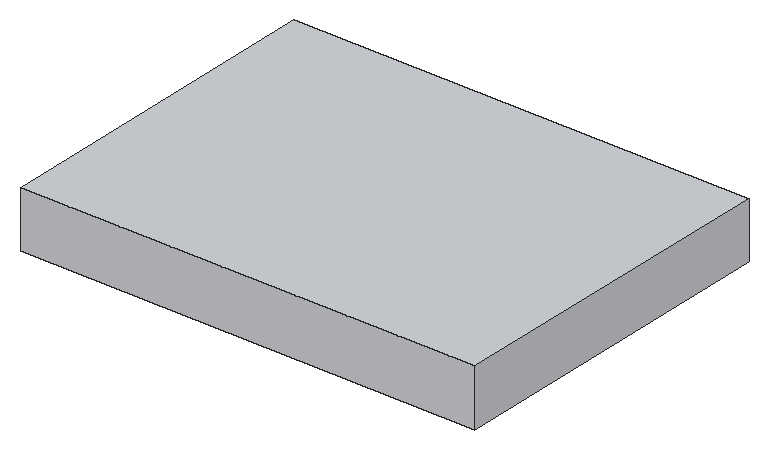
Revit family "電線管用ファミリ(片側のみ)_24", category Electrical Fixtures, Revit 2022
Family settings
  Round Connector Dimension = Use Diameter
  Part Type = Normal
  OmniClass Number = 23.80.00.00
  OmniClass Title = Electric Power and Lighting
  Work Plane-Based = No
  Always vertical = Yes
  Cut with Voids When Loaded = No
  Maintain Annotation Orientation = No
  Shared = No
  Room Calculation Point = No
Parameters
  コネクタ直径 [instance] = 16 mm
  W [instance] = 400 mm
  Default Elevation = 0 mm
  D [instance] = 300 mm
Reference planes
  plane 1 "Center (Front/Back)": y = 0
  plane 2: z = 0
  plane 3 "Center (Left/Right)": x = 0
  plane 4: x = -200
  plane 5: x = 200
  plane 6: y = 150
  plane 7: y = -150
  plane 8: z = 50
Forms (mm)
  Extrusion 1, solid
    sketch origin (0, 0, 0) x (1, 0, 0) y (0, 1, 0)
      loop
        line (-200, 150) -> (-200, -150) -> (200, -150) -> (200, 150) -> (-200, 150)
    from 0 to 50
Dimensions and locks
  equal spacing: plane 4, plane 3 "Center (Left/Right)", plane 5
  "W": plane 4 to plane 5
  equal spacing: plane 6, plane 1 "Center (Front/Back)", plane 7
  "D": plane 6 to plane 7
  aligned and locked: level to plane 2
  aligned and locked: plane 8 to Extrusion 1
Automatic sketch dimensions
  Extrusion 1 sketch curve to plane 4 = 0 mm
  Extrusion 1 sketch curve to plane 5 = 0 mm
  Extrusion 1 sketch curve to plane 7 = 0 mm
  Extrusion 1 sketch curve to plane 6 = 0 mm
Connectors
  cabletrayconduit at (0, 0, 50), diameter 16
    settings: on Extrusion 1, index 1, connector width 300 mm, connector height 300 mm, connector angle 0.00°, system type 32, placement type 0, profile type 0, connector reference index -1, is primary connector yes, connector utility param no, connector description ""
